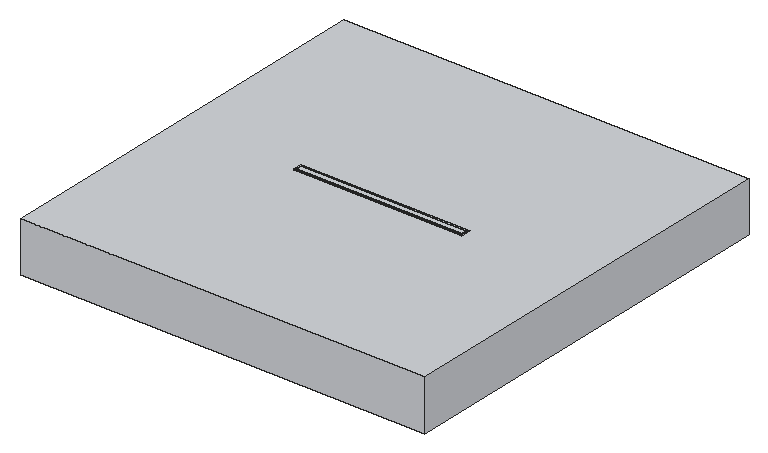
Revit family "REGA 25 ENC", category Luminaires, Revit 2021
Family settings
  Hôte = Face
  Cote de connecteur circulaire = Utiliser le diamètre
  Type d'élément = Normal
  Couper avec des vides une fois chargée = Oui
  Source d'éclairage = Oui
  Partagée = Non
  Point de calcul de pièce = Oui
Parameters (values of type "727003")
  nbr poles = 1  # constant formula
  materiau_colerette = none
  longueur collerette = longueur + 15 mm  # 1015 mm
  longueur = 1000 mm
  largeur collerette = 7.5 mm  # constant formula
  largeur = 40 mm
  indice de charge = Eclairage
  hauteur = 25 mm
  epaisseur collerette = 2.5 mm  # constant formula
  URL = "https://www.resistex-sa.com/fr/rega-25-1431lm-3000k-1047.html"
  Tension = 230 V  # constant formula
  built-in parameter 1150107 = 3000 (stored number, unit not read)
  Wattage = 28.9 W
  built-in parameter 1150110 = 1 (stored number, unit not read)
  built-in parameter 1150109 = 1 (stored number, unit not read)
  built-in parameter 1114218 = 1 (stored number, unit not read)
  built-in parameter 1150113 = 1 (stored number, unit not read)
  built-in parameter 1150112 = 1 (stored number, unit not read)
  built-in parameter 1150137 = (empty or 0)
  built-in parameter 1150132 = (empty or 0)
  Modèle = "REGA 25 ENC"
  built-in parameter 1150105 = 3291 (stored number, unit not read)
  built-in parameter 1150102 = (empty or 0)
  Type Image = (empty or 0)
  IP = "IP 40"
  IK = "IK 07"
  Gradation des changements de température de couleur de lampe = <Aucun>
  Garantie = "5 ans"  # constant formula
  Lumens = 41355.9 lm
  Color Filter = 16777215
  Fichier de distribution photométrique = "REGA_727003_LD (1).ies"
  built-in parameter 1114217 = 1 (stored number, unit not read)
  built-in parameter 1150139 = (empty or 0)
  Fabricant = "Resistex"  # constant formula
  Emit from Line Length = 609.6 mm
  Default Elevation = 1219.2 mm
  built-in parameter 1150104 = 132.94 (stored number, unit not read)
  built-in parameter 1150106 = 32.91 (stored number, unit not read)
  built-in parameter 1150115 = 1 (stored number, unit not read)
  built-in parameter 1150114 = 1 (stored number, unit not read)
  Description = "Luminaire ligne continue sur mesure, longueur adaptée au projet\r\nLuminaire lineaire équipé de LEDs SMD\r\nIP 40, IK 07\r\nLarg. 35mm x Long. 1000mm x Haut. 25mm\r\nFlux restitué 1431lm\r\nConso. système 28.9W\r\nEfficacité lumineuse produit complet 49.5lm/W\r\nLM80 L90F10 à 72000h (25°C)\r\nSVM <0.9\r\nPstLM <1\r\nDiffuseur Polycarbonate Direct/Symétrique Opalescent, Corps en Aluminium extrudé\r\nIRC >80\r\nGarantie 5 ans\r\nEmpreinte carbone 2.6gCO2/h\r\nIndice de réparabilité 9,1\r\nLuminaire lineaire équipé de LEDs haute performance\r\nCouleur : Blanc\r\nIP 20, IK 06\r\nLarg. 75mm x Long. 1168mm x Haut. 35mm\r\nFlux restitué 2640lm ( 1320lm 4620lm)\r\nConso. système 24W ( 12W 42W)\r\nEfficacité lumineuse produit complet 110lm/W ( 110lm/W 110lm/W)\r\nLM80 L80F10 > 100000h (Ta25°C)\r\nSVM 0.009\r\nPstLM 0.009\r\nDiffuseur Polycarbonate Direct/Symétrique Micro-prismatique, Corps en Aluminium\r\nIRC 83\r\nGarantie 5 ans\r\nEmpreinte carbone 2.16gCO2/h ( 1.08gCO2/h 3.78gCO2/h)\r\nIndice de réparabilité 9,0"
  built-in parameter 1150138 = (empty or 0)
  built-in parameter 1150134 = (empty or 0)
  Commentaires relatifs à la puissance = "28.9"
  Apparent Load = 29.49 VA
  Tilt Angle = 60.00°
  built-in parameter 1150133 = 10 (stored number, unit not read)
Types (4, lengths in mm): name | URL | built-in parameter 1150107 | Wattage | Modèle | built-in parameter 1150105 | Lumens | Fichier de distribution photométrique | built-in parameter 1150104 | built-in parameter 1150106 | built-in parameter 1150134 | Commentaires relatifs à la puissance | Apparent Load
  (no name) | "https://www.resistex-sa.com/fr/rega-25-1431lm-3000k-1047.html" | 3000 (stored number, unit not read) | 28.9 W | "REGA 25 ENC" | 3291 (stored number, unit not read) | 41355.9 lm | "REGA_727003_LD (1).ies" | 132.94 (stored number, unit not read) | 32.91 (stored number, unit not read) | (empty or 0) | "28.9" | 29.49 VA
  727003 | "https://www.resistex-sa.com/fr/rega-25-1431lm-3000k-1047.html" | 3000 (stored number, unit not read) | 28.9 W | "REGA 25 ENC" | 3291 (stored number, unit not read) | 41355.9 lm | "REGA_727003_LD (1).ies" | 132.94 (stored number, unit not read) | 32.91 (stored number, unit not read) | (empty or 0) | "28.9" | 29.49 VA
  727004 | "https://www.resistex-sa.com/fr/rega-25-1490lm-4000k-1048.html" | 3000 (stored number, unit not read) | 28.9 W | "REGA 25 ENC" | 3291 (stored number, unit not read) | 41355.9 lm | "REGA_727004_LD.ies" | 132.94 (stored number, unit not read) | 32.91 (stored number, unit not read) | (empty or 0) | "29.2" | 29.79 VA
  727005 | "https://www.resistex-sa.com/fr/rega-25-tw-1490m-2700-6000k-1049.html" | 4000 (stored number, unit not read) | 25 W | "REGA 25 TUNABLE WHITE ENC" | 2964.3 (stored number, unit not read) | 37250 lm | "REGA_727005_LD.ies" | 138.43 (stored number, unit not read) | 29.643 (stored number, unit not read) | 12 | "25" | 25.51 VA
Reference planes
  plane 1 "Centre (avant/arrière)": y = 0
  plane 2: z = 0
  plane 3 "Centre (gauche/droite)": x = 0
  plane 4: x = -500
  plane 5: x = 500
  plane 6: y = -20
  plane 7: y = -40
  plane 8: z = -25
  plane 9: z = 2.5
  plane 10: x = -507.5
  plane 11: x = 507.5
  plane 12: y = 7.5
  plane 13: y = -47.5
Forms (mm)
  Extrusion 1, solid
    sketch origin (0, 0, 0) x (1, 0, 0) y (0, 1, 0)
      loop
        line (-1219.2, 1219.2) -> (-1219.2, -1219.2) -> (1219.2, -1219.2) -> (1219.2, 1219.2) -> (-1219.2, 1219.2)
    from 0 to -304.8
  Extrusion 2, solid, material <- "materiau_colerette"
    sketch origin (0, 0, 0) x (1, 0, 0) y (0, 1, 0)
      loop
        line (-500, 0) -> (-500, -40) -> (500, -40) -> (500, 0) -> (-500, 0)
    from -25 to 0
  Extrusion 3, solid, material <- "materiau_colerette"
    sketch origin (0, 0, 0) x (1, 0, 0) y (0, 0, 1)
      loop
        line (-507.5, 2.5) -> (-507.5, 0) -> (507.5, 0) -> (507.5, 2.5) -> (-507.5, 2.5)
    from -7.5 to 47.5
  Extrusion 4, void
    sketch origin (0, 0, 0) x (1, 0, 0) y (0, 1, 0)
      loop
        line (-500, 0) -> (-500, -40) -> (500, -40) -> (500, 0) -> (-500, 0)
    from 0 to 2.5
Cuts and joins
  Extrusion 4 cuts Extrusion 2
  Extrusion 4 cuts Extrusion 3
Dimensions and locks
  equal spacing: plane 4, plane 3 "Centre (gauche/droite)", plane 5
  "longueur": plane 4 to plane 5
  equal spacing: plane 1 "Centre (avant/arrière)", plane 6, plane 7
  "largeur": plane 1 "Centre (avant/arrière)" to plane 7
  "hauteur": level to plane 8
  "epaisseur collerette": plane 9 to level
  equal spacing: plane 11, plane 3 "Centre (gauche/droite)", plane 10
  "longueur collerette": plane 11 to plane 10
  "largeur collerette": plane 12 to plane 1 "Centre (avant/arrière)"
  "largeur collerette": plane 7 to plane 13
  aligned and locked: plane 2 to Extrusion 1
  aligned and locked: level to Extrusion 1
  aligned and locked: plane 1 "Centre (avant/arrière)" to Extrusion 2 sketch curve
  aligned and locked: plane 4 to Extrusion 2 sketch curve
  aligned and locked: plane 7 to Extrusion 2 sketch curve
  aligned and locked: plane 5 to Extrusion 2 sketch curve
  aligned and locked: Extrusion 2 to plane 8
  aligned and locked: Extrusion 3 sketch curve to plane 9
  aligned and locked: plane 10 to Extrusion 3 sketch curve
  aligned and locked: level to Extrusion 3 sketch curve
  aligned and locked: plane 11 to Extrusion 3 sketch curve
  aligned and locked: plane 12 to Extrusion 3
  aligned and locked: Extrusion 3 to plane 13
  aligned and locked: Extrusion 4 sketch curve to Extrusion 2  (x4)
Automatic sketch dimensions
  Extrusion 1 sketch curve to Extrusion 1 sketch curve = 2438.4 mm  (x2)
